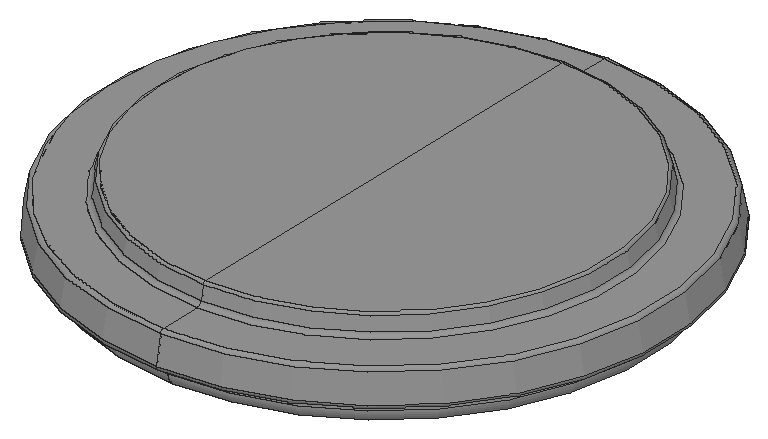
Revit family "FMK12_63_UN_Surface-mounted_ETK", category Lighting Fixtures, Revit 2017 (continued)
Definition of nested family "FMK.1 - Lightsource"
  Types (13, lengths in mm): name | Wattage Comments | Photometric Web File | built-in parameter 1150142 | Apparent Load
    FMK.1229.10 - Ø300x40 / 18W | "18W" | "FMK.1229.10.ies" | "IESNA:LM-63-2002\r\n[TEST] /2014\r\n[TESTLAB] ies2eulumdat.appspot.com\r\n[ISSUEDATE] 2021-06-16T09:02:18.810\r\n[MANUFAC] www.etk.nl\r\n[LUMCAT] FMK.1209.10\r\n[LUMINAIRE] FMK.1 LED 18W 3000/4000/5700K ø300 niet dimbaar\r\n[LAMPCAT] LED\r\n[LAMP] LED\r\nTILT=NONE\r\n1\t1710\t1\t46\t180\t1\t2\t-0.300\t-0.300\t0\r\n1.0\t1.0\t18.30\r\n0\t 2\t 4\t 6\t 8\t 10\t 12\t 14\t 16\t 18\r\n20\t 22\t 24\t 26\t 28\t 30\t 32\t 34\t 36\t 38\r\n40\t 42\t 44\t 46\t 48\t 50\t 52\t 54\t 56\t 58\r\n60\t 62\t 64\t 66\t 68\t 70\t 72\t 74\t 76\t 78\r\n80\t 82\t 84\t 86\t 88\t 90\r\n0\t 2\t 4\t 6\t 8\t 10\t 12\t 14\t 16\t 18\r\n20\t 22\t 24\t 26\t 28\t 30\t 32\t 34\t 36\t 38\r\n40\t 42\t 44\t 46\t 48\t 50\t 52\t 54\t 56\t 58\r\n60\t 62\t 64\t 66\t 68\t 70\t 72\t 74\t 76\t 78\r\n80\t 82\t 84\t 86\t 88\t 90\t 92\t 94\t 96\t 98\r\n100\t 102\t 104\t 106\t 108\t 110\t 112\t 114\t 116\t 118\r\n120\t 122\t 124\t 126\t 128\t 130\t 132\t 134\t 136\t 138\r\n140\t 142\t 144\t 146\t 148\t 150\t 152\t 154\t 156\t 158\r\n160\t 162\t 164\t 166\t 168\t 170\t 172\t 174\t 176\t 178\r\n180\t 182\t 184\t 186\t 188\t 190\t 192\t 194\t 196\t 198\r\n200\t 202\t 204\t 206\t 208\t 210\t 212\t 214\t 216\t 218\r\n220\t 222\t 224\t 226\t 228\t 230\t 232\t 234\t 236\t 238\r\n240\t 242\t 244\t 246\t 248\t 250\t 252\t 254\t 256\t 258\r\n260\t 262\t 264\t 266\t 268\t 270\t 272\t 274\t 276\t 278\r\n280\t 282\t 284\t 286\t 288\t 290\t 292\t 294\t 296\t 298\r\n300\t 302\t 304\t 306\t 308\t 310\t 312\t 314\t 316\t 318\r\n320\t 322\t 324\t 326\t 328\t 330\t 332\t 334\t 336\t 338\r\n340\t 342\t 344\t 346\t 348\t 350\t 352\t 354\t 356\t 358\r\n\r\n604.9325\t603.2919\t601.6514\t598.9367\t595.1481\t591.3474\t584.4074\t577.4673\t570.5271\t563.5989\r\n556.6589\t546.0716\t535.4844\t524.9091\t514.322\t503.7347\t489.8782\t476.0098\t462.1414\t448.2731\r\n434.4164\t417.5148\t400.6012\t383.6995\t366.7979\t349.8961\t330.7164\t311.5251\t292.3454\t273.1539\r\n253.9742\t234.7827\t215.6031\t196.4116\t177.2319\t158.0404\t0\t0\t0\t0\r\n0\t0\t0\t0\t0\t0\r\n604.9325\t603.303\t601.6736\t598.9672\t595.1776\t591.371\t584.4474\t577.518\t570.5942\t563.6772\r\n556.7804\t546.2089\t535.6382\t525.0562\t514.4711\t503.9096\t490.0793\t476.249\t462.4177\t448.5869\r\n434.7567\t417.8553\t400.9346\t384.014\t367.0954\t350.1887\t331.0138\t311.8383\t292.6629\t273.4839\r\n254.309\t235.1337\t215.9576\t196.7709\t177.5953\t158.8079\t0.4083\t0\t0\t0\r\n0\t0\t0\t0\t0\t0\r\n604.9325\t603.316\t601.6989\t599.0015\t595.1958\t591.3698\t584.4843\t577.5711\t570.6711\t563.7586\r\n556.8947\t546.3551\t535.7596\t525.1644\t514.5799\t504.0319\t490.2428\t476.4007\t462.5425\t448.6943\r\n434.9048\t418.0625\t401.1696\t384.2789\t367.3894\t350.5392\t331.4019\t312.225\t293.0468\t273.8823\r\n254.7052\t235.5402\t216.3663\t197.1991\t178.024\t160.3893\t1.6616\t0\t0\t0\r\n0\t0\t0\t0\t0\t0\r\n604.9325\t603.3306\t601.7275\t599.0433\t595.2312\t591.4156\t584.5657\t577.6625\t570.7544\t563.8431\r\n557.0019\t546.5201\t535.9272\t525.353\t514.7657\t504.264\t490.5226\t476.6557\t462.7667\t448.8924\r\n435.124\t418.3554\t401.4707\t384.5722\t367.6697\t350.8303\t331.7467\t312.5747\t293.4071\t274.2312\r\n255.0699\t235.9111\t216.7553\t197.6045\t178.4467\t162.6446\t3.8393\t0\t0\t0\r\n0\t0\t0\t0\t0\t0\r\n604.9325\t603.3467\t601.7784\t599.0852\t595.2744\t591.4839\t584.6789\t577.7818\t570.8609\t563.9373\r\n557.1543\t546.7354\t536.1372\t525.529\t514.8988\t504.4471\t490.789\t476.9063\t463.0292\t449.1418\r\n435.4474\t418.7539\t401.8361\t384.8952\t367.9622\t351.1523\t332.1531\t312.9933\t293.8363\t274.6741\r\n255.5041\t236.3482\t217.1967\t198.0491\t178.904\t165.4825\t7.0717\t0\t0\t0\r\n0\t0\t0\t0\t0\t0\r\n604.9325\t603.3646\t601.8109\t599.1301\t595.3254\t591.5822\t584.8149\t577.9154\t571.003\t564.0375\r\n557.2822\t546.9546\t536.3271\t525.6894\t515.0537\t504.6554\t491.1358\t477.2379\t463.3307\t449.4155\r\n435.7478\t419.1745\t402.2081\t385.2544\t368.2909\t351.5211\t332.6242\t313.4509\t294.2734\t275.1156\r\n255.9625\t236.8063\t217.6543\t198.5095\t179.3715\t168.6886\t11.5411\t0\t0\t0\r\n0\t0\t0\t0\t0\t0\r\n604.9325\t603.3841\t601.8434\t599.178\t595.3834\t591.6781\t584.976\t578.0752\t571.1133\t564.0963\r\n557.383\t547.1909\t536.5313\t525.8766\t515.2136\t504.8691\t491.4968\t477.5392\t463.5748\t449.6118\r\n435.9498\t419.5755\t402.6015\t385.6298\t368.6616\t351.9183\t333.1605\t313.9425\t294.7654\t275.5923\r\n256.4278\t237.2774\t218.1312\t198.9956\t179.8672\t172.0139\t17.4822\t0\t0\t0\r\n0\t0\t0\t0\t0\t0\r\n604.9325\t603.4053\t601.8759\t599.2285\t595.4497\t591.7812\t585.1731\t578.2085\t571.1927\t564.1664\r\n557.4629\t547.4497\t536.7769\t526.0887\t515.3685\t505.002\t491.8629\t477.8739\t463.8657\t449.8384\r\n436.2083\t420.1244\t403.1335\t386.0845\t369.0368\t352.2643\t333.7051\t314.4923\t295.2823\t276.0978\r\n256.9176\t237.7601\t218.6225\t199.4936\t180.379\t175.1597\t25.1927\t0\t0\t0\r\n0\t0\t0\t0\t0\t0\r\n604.9325\t603.4593\t601.9085\t599.2738\t595.5244\t591.9079\t585.3373\t578.316\t571.3136\t564.2514\r\n557.5412\t547.753\t537.0529\t526.317\t515.5469\t505.1567\t492.6884\t478.2212\t464.1752\t450.1642\r\n436.1336\t421.0943\t403.6156\t386.5209\t369.432\t352.3337\t334.5504\t315.0513\t295.836\t276.637\r\n257.4544\t238.29\t219.1493\t200.0199\t180.9108\t177.7292\t35.0259\t0\t0\t0\r\n0\t0\t0\t0\t0\t0\r\n604.9325\t603.4826\t601.941\t599.3319\t595.6075\t591.9952\t585.4602\t578.4838\t571.4702\t564.333\r\n557.6055\t548.1073\t537.3696\t526.5928\t515.7384\t504.8144\t493.0694\t478.6336\t464.5307\t450.3943\r\n436.2933\t421.64\t404.1436\t386.9492\t369.8193\t352.7072\t335.1677\t315.6771\t296.4365\t277.212\r\n258.007\t238.8258\t219.6743\t200.5397\t181.4425\t179.2574\t47.3991\t0\t0\t0\r\n0\t0\t0\t0\t0\t0\r\n604.9325\t603.5064\t601.9734\t599.3945\t595.7161\t592.0648\t585.6584\t578.7119\t571.6053\t564.412\r\n557.2136\t548.9435\t537.7363\t526.8513\t515.8959\t504.8997\t493.4258\t478.9823\t464.8596\t450.6873\r\n436.4267\t422.0138\t404.7199\t387.5204\t370.3217\t353.0976\t335.7436\t316.324\t297.0385\t277.7912\r\n258.567\t239.3682\t220.2087\t201.0815\t181.9832\t162.9148\t98.4026\t0\t0\t0\r\n0\t0\t0\t0\t0\t0\r\n604.9325\t603.5306\t602.0055\t599.4612\t595.8018\t592.0844\t585.9012\t578.9142\t571.7274\t564.5615\r\n557.281\t549.3317\t538.103\t527.1296\t516.0869\t504.9399\t493.7098\t479.4734\t465.2005\t450.9492\r\n436.7405\t422.5771\t405.4099\t388.0744\t370.7796\t353.4924\t336.2684\t316.9931\t297.6847\t278.4178\r\n259.1782\t239.9648\t220.7735\t201.6345\t182.5343\t163.481\t113.7595\t0\t0\t0\r\n0\t0\t0\t0\t0\t0\r\n604.9325\t603.5554\t602.0217\t599.532\t595.8866\t592.1561\t586.588\t579.0795\t571.9261\t564.708\r\n557.356\t549.6474\t538.4927\t527.425\t516.249\t505.0832\t494.0234\t479.9866\t465.7575\t451.3805\r\n437.0064\t422.8844\t406.0364\t388.6721\t371.3233\t353.9575\t336.8059\t317.7551\t298.3731\t279.0511\r\n259.7888\t240.5534\t221.3703\t202.2241\t183.1196\t164.0583\t128.3143\t0\t0\t0\r\n0\t0\t0\t0\t0\t0\r\n604.9325\t603.5809\t602.0558\t599.618\t595.9723\t592.2358\t586.8402\t579.3172\t572.1843\t564.8477\r\n557.415\t549.9086\t538.9015\t527.7199\t516.5471\t505.2607\t494.2777\t480.6872\t466.1976\t451.7399\r\n437.252\t422.7612\t407.2466\t389.4272\t371.966\t354.4582\t337.2243\t318.5243\t299.1108\t279.742\r\n260.4244\t241.1781\t221.9657\t202.8103\t183.7099\t164.6491\t141.3505\t0\t0\t0\r\n0\t0\t0\t0\t0\t0\r\n604.9325\t603.6071\t602.0912\t599.6912\t596.0451\t591.9798\t587.0148\t579.6483\t572.4109\t565.0026\r\n557.4889\t550.099\t539.3311\t528.166\t516.8776\t505.53\t494.0643\t481.5955\t466.7489\t452.2129\r\n437.6254\t423.0444\t408.0517\t390.1803\t372.5893\t355.0126\t337.4403\t319.5246\t299.8803\t280.4737\r\n261.1232\t241.8179\t222.5739\t203.4066\t184.3006\t165.2486\t152.0665\t0\t0\t0\r\n0\t0\t0\t0\t0\t0\r\n604.9325\t603.6338\t602.1279\t599.7642\t596.2915\t592.06\t587.2479\t579.9651\t572.6275\t565.1743\r\n557.5912\t550.1482\t539.9086\t528.6542\t517.2707\t505.7657\t494.0884\t482.1911\t467.4123\t452.7044\r\n438.0073\t423.2908\t408.632\t391.0308\t373.3713\t355.5458\t337.8389\t320.2515\t300.7003\t281.2121\r\n261.8325\t242.4922\t223.2123\t204.0069\t184.8961\t165.8551\t159.6039\t13.1538\t0\t0\r\n0\t0\t0\t0\t0\t0\r\n604.9325\t603.6611\t602.1659\t599.8376\t596.4054\t592.1391\t587.4977\t580.2805\t572.8868\t565.3787\r\n557.6678\t549.7361\t540.9527\t529.1771\t517.6731\t506.0008\t494.2758\t482.6381\t468.0299\t453.2316\r\n438.4194\t423.5879\t409.1603\t391.9077\t373.8445\t355.9972\t338.2732\t320.7969\t301.5855\t282.0214\r\n262.5566\t243.1786\t223.8823\t204.6641\t185.522\t166.4516\t162.8905\t31.8043\t0\t0\r\n0\t0\t0\t0\t0\t0\r\n604.9325\t603.6892\t602.2049\t599.908\t596.5241\t592.1992\t587.8004\t580.5758\t573.1764\t565.6227\r\n557.7326\t549.8042\t541.4288\t529.7323\t518.1144\t506.3438\t494.4987\t482.7908\t468.7329\t453.8508\r\n438.9175\t423.9507\t408.6493\t392.7359\t374.5174\t356.6496\t338.8317\t321.0335\t302.7194\t282.8805\r\n263.3626\t243.9028\t224.5481\t205.3141\t186.1662\t167.0952\t148.1118\t88.6377\t0\t0\r\n0\t0\t0\t0\t0\t0\r\n604.9325\t603.7179\t602.2449\t599.981\t596.652\t592.2995\t588.0109\t580.9296\t573.5102\t565.8506\r\n557.9219\t549.8881\t541.7121\t530.3743\t518.611\t506.7558\t494.6717\t482.47\t469.828\t454.5537\r\n439.4245\t424.0109\t408.6349\t393.3735\t375.3775\t357.3866\t339.435\t321.5173\t303.5607\t283.7689\r\n264.1651\t244.6733\t225.2874\t205.9828\t186.7886\t167.711\t148.7442\t112.1139\t0\t0\r\n0\t0\t0\t0\t0\t0\r\n604.9325\t603.7473\t602.2856\t600.0568\t596.7719\t592.4179\t588.1719\t581.3183\t573.9078\t566.0743\r\n558.1389\t549.9635\t541.9262\t531.0335\t519.2162\t507.1698\t494.9265\t482.6333\t470.329\t455.2483\r\n439.8147\t424.3822\t408.9232\t393.7403\t376.3501\t358.2294\t340.1252\t322.0395\t304.2025\t284.7408\r\n265.0668\t245.4539\t225.9736\t206.6463\t187.4435\t168.3603\t149.3849\t130.4101\t0\t0\r\n0\t0\t0\t0\t0\t0\r\n604.9325\t603.7776\t602.3343\t600.133\t596.8924\t592.5514\t588.2573\t582.1028\t574.2915\t566.3966\r\n558.3966\t550.0391\t541.4961\t532.1224\t519.854\t507.633\t495.3114\t482.8481\t470.4815\t456.3368\r\n440.5157\t424.9232\t409.2495\t393.6295\t377.6559\t359.1366\t340.8577\t322.656\t304.5206\t285.931\r\n265.9183\t246.2694\t226.7385\t207.3469\t188.0877\t168.9899\t150.0335\t142.1012\t0.9237\t0\r\n0\t0\t0\t0\t0\t0\r\n604.9325\t603.8087\t602.2411\t600.2093\t597.0138\t592.7089\t587.9814\t582.506\t574.6544\t566.7889\r\n558.6686\t550.1973\t541.4544\t532.5851\t520.5561\t508.2392\t495.7924\t483.0495\t470.1335\t457.1163\r\n441.3228\t425.5219\t409.7509\t393.9106\t378.232\t360.1469\t341.7391\t323.3504\t304.9773\t286.7673\r\n266.8982\t247.1147\t227.4881\t208.0586\t188.7792\t169.6606\t150.6879\t131.866\t21.4679\t0\r\n0\t0\t0\t0\t0\t0\r\n604.9325\t603.8407\t602.2844\t600.2854\t597.1426\t592.8591\t588.0729\t582.907\t575.0998\t567.2089\r\n558.9621\t550.3823\t541.4848\t532.7997\t521.7716\t508.9483\t496.2748\t483.3245\t470.3834\t457.4768\r\n442.2022\t426.336\t410.3521\t394.239\t378.1528\t361.5855\t342.6871\t324.0744\t305.6064\t287.3619\r\n267.8645\t248.0216\t228.3498\t208.8257\t189.4682\t170.3025\t151.3323\t132.5387\t80.029\t0\r\n0\t0\t0\t0\t0\t0\r\n604.9325\t603.8733\t602.3299\t600.3607\t597.2661\t593.1545\t588.1843\t583.2018\t575.6055\t567.6783\r\n559.3106\t550.6007\t541.5686\t532.3163\t522.4808\t509.7479\t496.8485\t483.8597\t470.6669\t457.2136\r\n443.4699\t427.2526\t410.9944\t394.713\t378.4457\t362.2796\t343.7493\t325.0072\t306.2591\t287.6577\r\n269.0839\t249.009\t229.1809\t209.5733\t190.2093\t170.9954\t151.9889\t133.1871\t107.1195\t0\r\n0\t0\t0\t0\t0\t0\r\n604.9325\t603.907\t602.3776\t600.435\t597.3875\t593.3208\t588.3223\t583.4193\t576.5313\t568.1743\r\n559.709\t550.8685\t541.7588\t532.2517\t522.878\t510.5737\t497.5582\t484.484\t471.0737\t457.3263\r\n443.9663\t428.2466\t411.8005\t395.3788\t378.7305\t362.2173\t345.2416\t325.9593\t307.1037\t288.3016\r\n269.7515\t250.003\t230.1332\t210.3898\t190.9169\t171.6613\t152.6389\t133.8373\t123.7799\t0\r\n0\t0\t0\t0\t0\t0\r\n604.9325\t603.9123\t602.428\t600.501\t597.5056\t593.4861\t588.4837\t583.5425\t577.0344\t568.7101\r\n560.1512\t551.1686\t541.9813\t532.3519\t522.4772\t511.7762\t498.5257\t485.22\t471.4735\t457.7046\r\n443.7031\t429.415\t412.8677\t396.0261\t379.2618\t362.4764\t345.8916\t327.1753\t308.035\t288.9915\r\n270.1463\t251.2322\t231.0663\t211.2373\t191.6472\t172.3408\t153.2921\t134.4874\t115.9236\t9.2138\r\n0\t0\t0\t0\t0\t0\r\n604.9325\t603.9481\t602.4812\t600.5742\t597.6202\t593.653\t588.668\t583.3077\t577.4581\t569.2983\r\n560.6533\t551.5767\t542.2042\t532.5113\t522.3616\t512.2177\t499.5876\t486.0776\t472.1462\t458.1519\r\n443.8695\t429.876\t414.2071\t396.917\t379.9187\t362.8675\t345.8321\t328.6051\t309.1102\t289.916\r\n270.7523\t251.9617\t232.0644\t212.1103\t192.4343\t173.0323\t153.9173\t135.1018\t116.562\t65.7955\r\n0\t0\t0\t0\t0\t0\r\n604.9325\t603.9852\t602.5371\t600.6467\t597.73\t593.8172\t588.8736\t583.4583\t577.7772\t570.2819\r\n561.2111\t552.1325\t542.5577\t532.7343\t522.3727\t511.8663\t500.9199\t486.9213\t472.9747\t458.7217\r\n444.2496\t429.5691\t414.7964\t398.0122\t380.7816\t363.4509\t346.0825\t328.8111\t310.4213\t290.8883\r\n271.5384\t252.3269\t233.2419\t213.0364\t193.2161\t173.736\t154.5864\t135.7567\t117.2044\t96.1475\r\n0\t0\t0\t0\t0\t0\r\n604.9325\t604.0236\t602.596\t600.7186\t597.8194\t593.9774\t589.2292\t583.6201\t577.9865\t570.7992\r\n561.8256\t552.71\t543.0652\t533.0169\t522.502\t511.8678\t501.241\t488.4687\t473.9436\t459.4936\r\n444.832\t429.7247\t414.7044\t399.4139\t381.8032\t364.1979\t346.6042\t329.0336\t311.6354\t292.1036\r\n272.4601\t253.0354\t233.7628\t214.0337\t194.1035\t174.5269\t155.255\t136.3516\t117.8305\t109.9048\r\n0\t0\t0\t0\t0\t0\r\n604.9325\t604.0637\t602.658\t600.789\t597.9215\t594.1325\t589.4529\t583.8272\t577.7627\t571.1951\r\n562.8118\t553.2917\t543.6239\t533.3822\t522.7915\t511.9619\t500.5541\t489.0998\t475.0948\t460.4654\r\n445.4767\t430.3017\t414.8994\t399.3696\t383.2919\t365.1943\t347.3191\t329.4129\t311.6006\t293.6303\r\n273.6308\t253.85\t234.3543\t215.1938\t195.0532\t175.2777\t155.9455\t136.9913\t118.4168\t100.2246\r\n10.9351\t0\t0\t0\t0\t0\r\n604.9325\t604.1049\t602.7234\t600.8579\t598.021\t594.2782\t589.6773\t584.0732\t577.9255\t571.4711\r\n563.458\t554.0039\t544.2463\t533.8777\t523.2306\t512.1995\t500.5102\t488.6583\t476.4436\t461.6248\r\n446.3237\t431.0595\t415.3954\t399.5376\t383.6965\t366.7259\t348.2364\t330.1152\t311.8732\t293.8363\r\n275.1387\t254.8952\t235.1611\t215.6652\t196.0554\t176.1444\t156.6456\t137.594\t119.0254\t100.8532\r\n68.8785\t0\t0\t0\t0\t0\r\n604.9325\t604.3797\t602.795\t600.7955\t598.1176\t594.4184\t589.9421\t584.4807\t578.1293\t571.2717\r\n564.0225\t555.1365\t544.9684\t534.4889\t523.7521\t512.5133\t500.6805\t488.5879\t476.1182\t463.0735\r\n447.6366\t431.9684\t416.1152\t399.9456\t383.6989\t367.3767\t349.5599\t330.9731\t312.5046\t294.0321\r\n275.9095\t256.218\t236.1048\t216.3684\t197.0093\t177.0397\t157.4158\t138.2701\t119.6169\t101.4035\r\n91.2126\t0\t0\t0\t0\t0\r\n604.9325\t604.4205\t602.8672\t600.8728\t598.211\t594.5549\t590.1569\t584.7672\t578.3807\t571.4627\r\n564.3113\t555.8405\t545.7988\t535.2615\t524.3877\t512.92\t501.0143\t488.7096\t476.0305\t462.7583\r\n449.2912\t433.217\t417.0958\t400.713\t384.1708\t367.2088\t350.6545\t332.2272\t313.392\t294.5441\r\n275.8683\t257.4578\t237.4149\t217.2362\t197.4869\t178.1427\t158.2694\t138.9226\t120.2106\t101.9885\r\n84.2445\t0\t0\t0\t0\t0\r\n604.9325\t604.4609\t602.9426\t600.9571\t598.301\t594.685\t590.3595\t585.0141\t578.795\t571.7158\r\n564.1432\t556.2603\t546.8908\t536.205\t525.1774\t513.5407\t501.5676\t489.0287\t476.1442\t462.6532\r\n448.9921\t434.8922\t418.416\t401.8982\t384.7929\t367.6136\t350.3325\t333.3151\t314.6323\t295.4577\r\n276.336\t257.5068\t238.7779\t218.4036\t198.3424\t178.728\t159.174\t139.7342\t120.8004\t102.4847\r\n84.7775\t45.5539\t0\t0\t0\t0\r\n604.9325\t604.5006\t603.0216\t601.0606\t598.3865\t594.8079\t590.54\t585.2417\t579.0807\t572.1467\r\n564.4011\t556.1409\t547.4037\t537.4374\t526.1369\t514.3405\t502.2658\t489.5783\t476.4823\t462.9105\r\n448.8591\t434.6232\t420.0685\t403.4046\t385.7751\t368.4205\t350.8718\t333.1656\t315.607\t296.8929\r\n277.2305\t257.8752\t238.7581\t219.918\t199.4756\t179.4703\t160.1376\t140.5119\t121.4449\t103.0157\r\n85.2703\t74.215\t0\t0\t0\t0\r\n604.9325\t604.5394\t603.1042\t601.1584\t598.3492\t594.9234\t590.7019\t585.451\t579.3531\t572.4943\r\n564.7651\t556.3877\t547.3688\t538.0224\t527.3866\t515.3535\t503.115\t490.3931\t476.9994\t463.303\r\n449.0547\t434.4994\t419.6921\t404.5604\t387.5106\t369.5539\t351.7313\t333.6797\t315.5431\t297.2741\r\n278.797\t258.7661\t239.2377\t219.9717\t200.9556\t180.5254\t160.6648\t141.5044\t122.1648\t103.5896\r\n85.7592\t68.6221\t0\t0\t0\t0\r\n604.9325\t604.5773\t603.1902\t601.2632\t598.4516\t595.0092\t590.8464\t585.643\t579.6101\t572.8202\r\n565.325\t556.7647\t547.6995\t538.0024\t527.9437\t516.6478\t504.4938\t491.4266\t477.8344\t463.9221\r\n449.6332\t434.78\t419.7115\t403.8594\t387.7921\t371.4508\t353.0947\t334.6903\t316.1395\t297.631\r\n278.8793\t260.2808\t240.1353\t220.3427\t201.0312\t181.9801\t161.6499\t142.0644\t123.0333\t104.2161\r\n86.2409\t69.0879\t15.2173\t0\t0\t0\r\n604.9325\t604.6141\t603.2798\t601.3757\t598.5679\t594.9853\t590.9493\t585.8192\t579.8489\t573.1198\r\n565.7109\t557.3403\t548.3007\t538.393\t527.9435\t517.2634\t505.3927\t492.933\t478.9816\t464.8927\r\n450.474\t435.4187\t420.1142\t403.9636\t387.6809\t371.1777\t354.5307\t336.6039\t317.3934\t298.4472\r\n279.3102\t260.28\t241.3379\t221.3309\t201.4226\t182.0109\t163.0786\t142.9823\t123.7395\t104.974\r\n86.81\t69.5539\t58.969\t0\t0\t0\r\n604.9325\t604.6498\t603.6043\t601.4957\t598.6984\t595.1135\t590.9331\t585.9739\t580.0893\t573.3916\r\n566.0512\t557.7504\t548.7954\t539.0648\t528.4009\t517.3472\t505.5605\t493.6743\t480.4541\t466.4352\r\n451.5987\t436.4298\t420.8587\t404.6187\t388.0855\t371.2381\t354.0167\t336.6193\t319.1551\t299.9255\r\n280.4523\t260.8892\t241.3921\t222.136\t202.5984\t182.4131\t163.0718\t144.3638\t124.5764\t105.7842\r\n87.4272\t70.0349\t53.7077\t0\t0\t0\r\n604.9325\t604.6844\t603.6946\t601.6237\t598.8432\t595.2649\t591.0743\t585.9936\t580.2878\t573.6051\r\n566.3212\t558.1173\t549.2219\t539.5715\t529.1248\t518.0448\t506.0844\t493.7649\t480.7344\t467.3507\r\n453.0676\t438.029\t422.0569\t405.7673\t388.9954\t371.8917\t354.386\t336.673\t318.7419\t300.4149\r\n282.1798\t262.3184\t242.4052\t222.5131\t202.8279\t183.5184\t163.5632\t144.2653\t1
